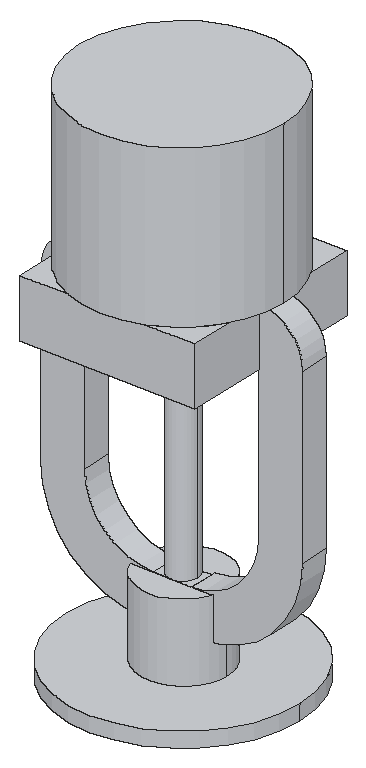
Revit family
Parameters (values of type "RASCO F156 PENDENT")
  Temperature Rating = 155 °F
  Response = (empty or 0)
  RASCO SIN # = "RA1314"
  RASCO Part # = "F56P1B"
  Pressure Rating = "175 PSI"
  Pressure Class = (empty or 0)
  Orifice Size = 1/2"
  Orifice = (empty or 0)
  Model = "F156"
  Manufacturer = "RASCO"
  K-Factor = 5.6
  Description = "Bronze Finish"
  Coverage = (empty or 0)
Reference planes (in)
  plane 1 "Center (Front/Back)": y = 0
  plane 2: z = 0
  plane 3 "Center (Left/Right)": x = 0
Dimensions and locks (in)
  aligned and locked: plane 2 to level
Nested families (in)
  nested 1: "F56P1B" at (-0.0113, 0, 2.4375) x (-1, 0, 0) z (0, 0, -1), type "RASCO F156 PENDENT"
Connectors (in)
  piping at (-0.0113, 0, 2.4375)
    settings: on nested 1, index 1, connector radius 55/128", flow factor 0, pipe flow 0 GPM, pressure drop 0.00 psi, fitting loss kfactor 0, connector angle 0.00°, fixture units 0, flow configuration 0, flow direction 0, fitting loss method 0, system type 7, connector reference index -1, connector utility 0, adjustable connector no, is connector primary yes, fitting loss table "", connector description ""
Definition of nested family "F56P1B"
  Parameters (values of type "RASCO F156 PENDENT")
    Type Comments = ""
    Temperature Rating = 0 °F
    Response = (empty or 0)
    Pressure Rating = "0"
    Pressure Class = (empty or 0)
    Orifice Size = 0"
    Orifice = (empty or 0)
    Model = ""
    Manufacturer = ""
    K-Factor = 0
    Description = ""
    Coverage = (empty or 0)
    Assembly Code = ""
  Reference planes (in)
    plane 1 "Center (Front/Back)": y = 0
    plane 2: z = 0
    plane 3 "ref.2": z = 0.6875
    plane 4 "ref.3": z = 0.9375
    plane 5: x = -0.38065
    plane 6: x = 0.36935
    plane 7 "ref. side 1": y = 0.06402
    plane 8 "ref. side 2": y = -0.06098
    plane 9 "ref.4": z = 1.875
    plane 10 "ref.5": z = 2.3125
    plane 11 "ref.6": z = 2.4375
  Forms (in)
    Extrusion 1, solid
      sketch origin (0, 0, 0) x (1, 0, 0) y (0, 1, 0)
        loop
          circle (0, 0) r 0.4379
      from 0 to 0.6875
    Extrusion 2, solid
      sketch origin (-0.12185, 0.05177, 0.6875) x (1, 0, 0) y (0, 1, 0)
        loop
          line (-0.2588, 0.356) -> (-0.2588, -0.4565) -> (0.4912, -0.4565) -> (0.4912, 0.356) -> (-0.2588, 0.356)
      from 0 to 0.25
    Extrusion 3, solid
      sketch origin (0, 0, 0) x (1, 0, 0) y (0, 0, 1)
        loop
          line (-0.38065, 0.68754) -> (-0.38065, 1.58397)
          arc (-0.38065, 1.58397) -> (-0.29541, 1.78976) -> (-0.08962, 1.875) r 0.29103
          line (-0.08962, 1.875) -> (0.07524, 1.875)
          arc (0.07524, 1.875) -> (0.28321, 1.78886) -> (0.36935, 1.58089) r 0.29411
          line (0.36935, 1.58089) -> (0.36935, 0.68751)
          arc (0.36935, 0.68751) -> (0.50207, 0.74393) -> (0.55685, 0.87734) r 0.18984
          line (0.55685, 0.87734) -> (0.55685, 1.61676)
          arc (0.55685, 1.61676) -> (0.42629, 1.93194) -> (0.11111, 2.0625) r 0.44574
          line (0.11111, 2.0625) -> (-0.12259, 2.0625)
          arc (-0.12259, 2.0625) -> (-0.43765, 1.932) -> (-0.56815, 1.61694) r 0.44556
          line (-0.56815, 1.61694) -> (-0.56815, 0.87876)
          arc (-0.56815, 0.87876) -> (-0.51345, 0.74486) -> (-0.38065, 0.68754) r 0.19126
      from -0.06402 to 0.06098
    Extrusion 4, solid
      sketch origin (0, 0, 0.9375) x (-1, 0, 0) y (0, -1, 0)
        loop
          circle (0.00574, -0.00152) r 0.0625
      from 0 to 0.9375
    Extrusion 5, solid
      sketch origin (0, 0, 1.875) x (-1, 0, 0) y (0, -1, 0)
        loop
          circle (0.00574, -0.00152) r 0.1875
      from 0 to 0.4375
    Extrusion 6, solid
      sketch origin (0, 0, 2.3125) x (0, -1, 0) y (1, 0, 0)
        loop
          circle (-0.00152, -0.00574) r 0.5
      from -0.10531 to -0.03987
  Cuts and joins
    joined: Extrusion 1, Extrusion 2, Extrusion 4
  Lines and regions (in)
    model lines
      curve 1: line (-0.00574, 0.06402, 1.875) -> (-0.00574, -0.06098, 1.875)
